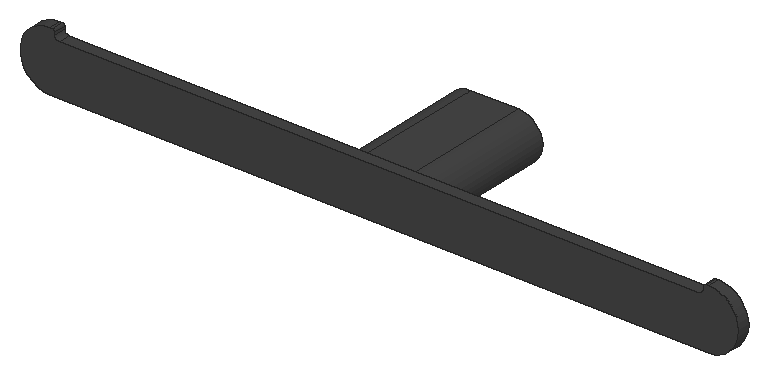
Revit family "rba-bim-rba1631-122 and rba1631-322", category Plumbing Fixtures, Revit 2018
Family settings
  Round Connector Dimension = Use Diameter
  Part Type = Normal
  Work Plane-Based = No
  Always vertical = Yes
  Cut with Voids When Loaded = No
  Shared = Yes
  Room Calculation Point = No
Parameters (values of type "RBA1631-322")
  Watermarked By = "www.rba.com.au"
  Waste Connection = yes
  Vent Connection = yes
  URL = ""
  Phone Number = "1300 788 778"
  Modified Issue = "20220504.01"
  Model = "RBA1631-322"
  Materials and Finishes = Heavy Duty Brass in a Matte Black Finish
  Manufacturer Model = ""
  Manufacturer = "RBA Group"  # constant formula
  Logo White = yes
  Logo Black = no
  HW Connection = yes
  Description = "ōken Double Toilet Roll Holder"
  Copyright by = "RBA Group"  # constant formula
  CW Connection = yes
Types (2, lengths in mm): name | Model | Materials and Finishes | Logo White | Logo Black
  RBA1631-122 | "RBA1631-122" | Heavy Duty Brass in a Bright Chrome Finish | no | yes
  RBA1631-322 | "RBA1631-322" | Heavy Duty Brass in a Matte Black Finish | yes | no
Reference planes
  plane 1 "Center (Front/Back)": y = 0
  plane 2: z = 0
  plane 3 "Center (Left/Right)": x = 0
  plane 4: x = 150
  plane 5: x = -150
Forms (mm)
  Extrusion 1, solid, material "Heavy Duty Brass in a Matte Black Finish" <- "Materials and Finishes"
    sketch origin (0, 0, 0) x (1, 0, 0) y (0, 0, 1)
      loop
        arc (-137.5, 25) -> (-150, 12.5) -> (-137.5, 0) r 12.5
        line (-137.5, 0) -> (137.5, 0)
        arc (137.5, 0) -> (150, 12.5) -> (137.5, 25) r 12.5
        line (137.5, 25) -> (136.5, 25)
        arc (136.5, 25) -> (135.793, 24.707) -> (135.5, 24) r 1
        line (135.5, 24) -> (135.5, 23)
        arc (135.5, 23) -> (134.914, 21.586) -> (133.5, 21) r 2
        line (133.5, 21) -> (-133.5, 21)
        arc (-133.5, 21) -> (-134.914, 21.586) -> (-135.5, 23) r 2
        line (-135.5, 23) -> (-135.5, 24)
        arc (-135.5, 24) -> (-135.793, 24.707) -> (-136.5, 25) r 1
        line (-136.5, 25) -> (-137.5, 25)
    from 55 to 60
  Extrusion 2, solid, material "Heavy Duty Brass in a Matte Black Finish" <- "Materials and Finishes"
    sketch origin (-1.5, 0, 0) x (1, 0, 0) y (0, 0, 1)
      loop
        arc (-8.5, 20) -> (-18.5, 10) -> (-8.5, 0) r 10
        line (-8.5, 0) -> (11.5, 0)
        arc (11.5, 0) -> (21.5, 10) -> (11.5, 20) r 10
        line (11.5, 20) -> (-8.5, 20)
    from 0 to 55
Dimensions and locks
  aligned and locked: plane 2 to level
